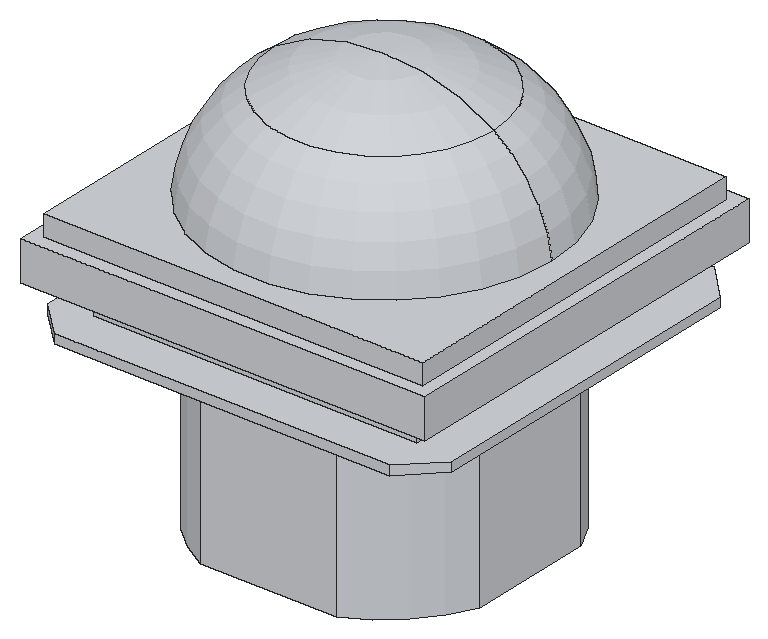
Revit family "Gira_126567", category Electrical Fixtures, host Face, Revit 2017
Family settings
  Host = Face
  Maintain Annotation Orientation = Yes
  Round Connector Dimension = Use Diameter
  Part Type = Normal
  Cut with Voids When Loaded = No
  Shared = No
  Room Calculation Point = No
Parameters (values of type "Colour camera door st. Gira TX_44 (WP FM) anthra.")
  URL = "http://katalog.gira.de/en/datenblatt.html?artikelnr=126567"
  Name = "Colour camera door st. Gira TX_44 (WP FM) anthra."
  Mounting method = "Built-in"
  Material = "Other"
  Manufacturer URL = "https://www.gira.de/"
  Manufacturer = "Gira"
  Keynote = ""
  Installation technique = "Bus system"
  HeinzeBIM = "https://bimportal.heinze.de/bim/colour-camera-door-st-gira-tx-44-wp-fm-anthra-/1ab6765ebc835644af394327eca94d11931af2ca"
  HAN = "126567"
  GTIN = "4010337265672"
  Description = "Colour camera door st. TX_44 AN,Colour camera for door station,,anthracite,Features:,- Installation in a conventional flush-mounted device box.,- Fits in the cover frames of the Gira TX_44 switch range.,- Modular design, allowing easy installation and expandability.,- Signal transmission and supply of the audio and video components via reverse-polarity-protected and short-circuit-proof 2-wire bus.,- Extension of door stations by a colour camera with automatic day or night switching.,- LEDs ensure steady illumination of the field of view at close proximity in night mode.,- Camera can be manually swivelled 20 horizontally and vertically. In combination with the wide-angle lens, a very wide field of view of the door entry area results.,- Automatic background lighting compensation.,- Automatic white balance.,- Automatic gain control (AGC).,- Integrated temperature-dependent camera heating.,- Sprayed-water proof cover plate.,- Camera cover plate made of shock-resistant plastic. Easy to replace if damaged, e.g. due to vandalism.,,Notes :,- The colour camera may not be positioned directly beneath a light.,- Suitable for use in a Gira energy profile.,- Not suitable for use in a Gira energy profile with light."
  Default Elevation = 1219.2 mm
  Data sheet (1) = "https://katalog.gira.de/en/download.html?artikelnr=126567"
  Colour = "Anthracite"
  Category = "External camera door communication"
  BIM (1) = "https://media.stage.bim.site/public/gira/36a6b08/TX44_Komplettgerät_Kamera.rfa?public/gira/36a6b08/TX44_Komplettgerät_Kamera.rfa"
  Available = "No"
Reference planes
  plane 1 "Center (Front/Back)": y = 0
  plane 2: z = 0
  plane 3 "Center (Left/Right)": x = 0
Forms (mm)
  Revolve 1, solid, detail levels fine
    sketch origin (0, 0, 0) x (1, 0, 0) y (0, 0, 1)
      loop
        arc (0, 32.748) -> (-9.934, 31.444) -> (-19.061, 27.309) r 34.111
        arc (-19.061, 27.309) -> (-26.095, 20.079) -> (-29.256, 10.5) r 22.465
        line (-29.256, 10.5) -> (0, 10.5) -> (0, 32.748)
      axis (0, 32.748) -> (0, 10.5)
    angle from 0 to 360
  Extrusion 2, solid, detail levels fine
    sketch origin (0, 0, 0) x (1, 0, 0) y (0, 1, 0)
      loop
        line (-33.15, 33.15) -> (-33.15, -33.15) -> (33.15, -33.15) -> (33.15, 33.15) -> (-33.15, 33.15)
    from 6.9 to 10.5
  Extrusion 3, solid, detail levels fine
    sketch origin (0, 0, 0) x (1, 0, 0) y (0, 1, 0)
      loop
        line (-35.383, -35.464) -> (35.383, -35.464) -> (35.383, 35.383) -> (-35.383, 35.383) -> (-35.383, -35.464)
    from 0 to 6.9
  Extrusion 4, solid, detail levels fine
    sketch origin (0, 0, 0) x (1, 0, 0) y (0, 1, 0)
      loop
        line (-25.6, 11.011) -> (-25.6, -11.175)
        arc (-25.6, -11.175) -> (-20.039, -19.494) -> (-11.9, -25.317) r 27.9
        line (-11.9, -25.317) -> (11.9, -25.317)
        arc (11.9, -25.317) -> (20.039, -19.494) -> (25.6, -11.175) r 27.9
        line (25.6, -11.175) -> (25.6, 11.011)
        arc (25.6, 11.011) -> (19.903, 19.47) -> (11.547, 25.317) r 27.9
        line (11.547, 25.317) -> (-11.547, 25.317)
        arc (-11.547, 25.317) -> (-19.903, 19.47) -> (-25.6, 11.011) r 27.9
    from -40.35 to -7.55
  Extrusion 5, solid, detail levels fine
    sketch origin (0, 0, 0) x (1, 0, 0) y (0, 1, 0)
      loop
        line (-29.35, 35.268) -> (-35.35, 29.268) -> (-35.35, -29.432) -> (-29.35, -35.432) -> (29.35, -35.432) -> (35.35, -29.432) -> (35.35, 29.268) -> (29.35, 35.268) -> (-29.35, 35.268)
    from -7.55 to -5.95
  Extrusion 6, solid, detail levels medium+fine
    sketch origin (0, 0, 0) x (1, 0, 0) y (0, 1, 0)
      loop
        line (-28.231, 28.231) -> (-28.231, -28.231) -> (28.231, -28.231) -> (28.231, 28.231) -> (-28.231, 28.231)
    from -5.95 to 0
  Extrusion 7, solid, detail levels fine
    sketch origin (0, 0, 0) x (1, 0, 0) y (0, 0, 1)
      loop
        line (-7.147, -40.35) -> (-7.147, -46.05) -> (7.153, -46.05) -> (7.153, -40.35) -> (-7.147, -40.35)
    from -22.856 to -17.807
  Extrusion 8, solid, detail levels medium
    sketch origin (0, 0, 0) x (1, 0, 0) y (0, 1, 0)
      loop
        line (-25.6, -25.317) -> (25.6, -25.317) -> (25.6, 25.317) -> (-25.6, 25.317) -> (-25.6, -25.317)
    from -46.05 to -7.55
  Extrusion 9, solid, detail levels medium
    sketch origin (0, 0, 0) x (1, 0, 0) y (0, 1, 0)
      loop
        line (35.35, 35.268) -> (-35.35, 35.268) -> (-35.35, -35.432) -> (35.35, -35.432) -> (35.35, 35.268)
    from -7.55 to -5.95
  Extrusion 10, solid, detail levels medium
    sketch origin (0, 0, 0) x (1, 0, 0) y (0, 1, 0)
      loop
        line (-35.383, -35.464) -> (35.383, -35.464) -> (35.383, 35.383) -> (-35.383, 35.383) -> (-35.383, -35.464)
    from 0 to 10.5
  Extrusion 11, solid, detail levels medium
    sketch origin (0, 0, 0) x (1, 0, 0) y (0, 1, 0)
      loop
        circle (0, 0) r 29.256
    from 10.5 to 32.8
  Extrusion 12, solid, detail levels coarse
    sketch origin (0, 0, 0) x (1, 0, 0) y (0, 1, 0)
      loop
        line (-35.383, -35.464) -> (35.383, -35.464) -> (35.383, 35.383) -> (-35.383, 35.383) -> (-35.383, -35.464)
    from -46.05 to 32.8
Dimensions and locks
  aligned and locked: plane 2 to host face
  aligned and locked: level to host face
  aligned and locked: plane 3 "Center (Left/Right)" to nested 1
  aligned and locked: plane 1 "Center (Front/Back)" to nested 1
Nested families
  nested 1: "Kamera" at (0, 0, 0), type "Kamera"
Connectors
  electrical at (0, -0.041, -46.05)
    settings: on Extrusion 12, index 1, voltage 220 V, apparent load 0 VA, apparent load phase1 0 VA, apparent load phase2 0 VA, apparent load phase3 0 VA, power factor 1, load classification "Other", number of poles 1, system type 30, power factor state 1, is connector primary yes, connector utility no, sub classification motor no, connector description ""
Definition of nested family "Kamera"
  Reference planes
    plane 1: y = 0
    plane 2: x = 0
  Lines and regions (mm)
    detail lines
      curve 1: line (-2.625, 3, 0) -> (-2.625, 0, 0)
      curve 2: line (-2.625, 0, 0) -> (1.746, 0, 0)
      curve 3: line (-2.625, 3, 0) -> (1.746, 3, 0)
      curve 4: line (-1.736, 2.158, 0) -> (-1.736, 0.828, 0)
      curve 5: line (-1.736, 2.158, 0) -> (1.478, 2.158, 0)
      curve 6: line (-1.736, 0.828, 0) -> (1.478, 0.828, 0)
      curve 7: line (1.746, 3, 0) -> (1.746, 2.3, 0)
      curve 8: line (1.478, 2.158, 0) -> (2.625, 2.768, 0)
      curve 9: line (2.625, 0.218, 0) -> (2.625, 2.768, 0)
      curve 10: line (1.478, 0.828, 0) -> (2.625, 0.218, 0)
      curve 11: line (1.746, 0, 0) -> (1.746, 0.685, 0)
